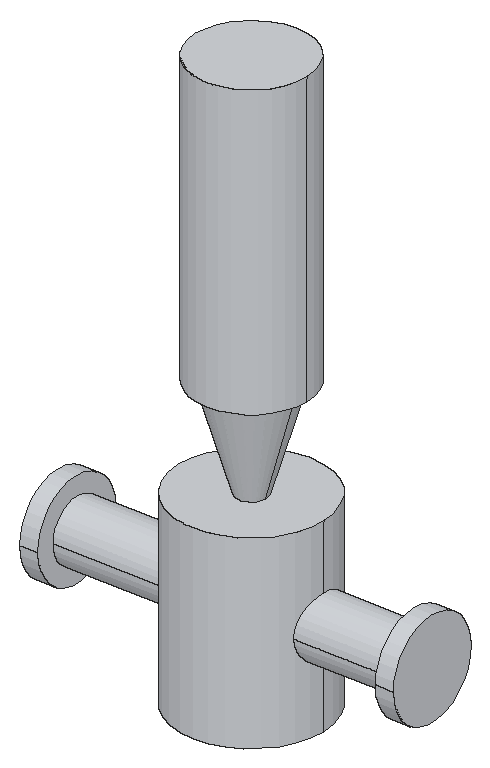
Revit family "8c668c1354174382a9cf1c162125a187", category Mechanical Equipment, Revit 2021
Family settings
  Round Connector Dimension = Use Radius
  Classification = Pump
  Part Type = Breaks Into
  OmniClass Number = 23.60.30.21
  OmniClass Title = Pumps
  Seek Item ID = Inline Pump - Vertical-0000-USA-ENU
  Work Plane-Based = No
  Always vertical = Yes
  Cut with Voids When Loaded = No
  Shared = No
  Room Calculation Point = No
Parameters (values of type "74 GPM - 2.6 Foot Head")
  Voltage = 460 V
  Suction Radius = 1"
  Suction Diameter = 2 * Suction Radius  # 2"
  Radius 1 = Diameter 1 * 0.5  # 0' - 1.84961"
  RPM = 1760
  Pump Material = none
  Outside Radius 2 = Outside Diameter 2 * 0.5  # 0' - 1 1/4"
  Outside Diameter 2 = Discharge Diameter + 0' 0 1/2"  # 0' - 2 1/2"
  Outside Diameter 1 = Suction Diameter + 0' 0 1/2"  # 0' - 2 1/2"
  Number of Poles = 3
  Motor Radius = Motor Diameter * 0.5  # 0' - 2.31055"
  Motor Height = 1' - 0 15/256"
  Motor Diameter = 0' - 4 159/256"
  Load Classification = Appliance - Dwelling Unit
  Impeller Radius = Impeller Diameter * 0.5  # 0' - 3"
  Impeller Diameter = 0' - 6"
  Height 2 = 0' - 8 7/64"
  Height 1 = 0' - 3 233/256"
  Flange Radius 2 = Flange Diameter 2 * 0.5  # 0' - 2"
  Flange Diameter 2 = Discharge Diameter + 0' 2"  # 0' - 4"
  Flange Diameter 1 = Outside Diameter 1 + 0' 2"  # 0' - 4 1/2"
  Discharge Radius = 1"
  Discharge Diameter = 2 * Discharge Radius  # 2"
  Diameter 1 = 0' - 3 179/256"
  Default Elevation = 0' - 0"
  C2 Offset 1 = 0' - 8"
  C1 Offset 1 = 0' - 7 1/2"
  Apparent Load = 627 VA
Types (7): name | Suction Radius | Suction Diameter | Radius 1 | Outside Radius 2 | Outside Diameter 2 | Outside Diameter 1 | Motor Radius | Motor Diameter | Impeller Radius | Impeller Diameter | Height 2 | Height 1 | Flange Radius 2 | Flange Diameter 2 | Flange Diameter 1 | Discharge Radius | Discharge Diameter | Diameter 1 | C2 Offset 1 | C1 Offset 1 | Apparent Load
  (no name) | 1" | 2" | 0' - 1.84961" | 0' - 1 1/4" | 0' - 2 1/2" | 0' - 2 1/2" | 0' - 2.31055" | 0' - 4 159/256" | 0' - 3" | 0' - 6" | 0' - 8 7/64" | 0' - 3 233/256" | 0' - 2" | 0' - 4" | 0' - 4 1/2" | 1" | 2" | 0' - 3 179/256" | 0' - 8" | 0' - 7 1/2" | 627 VA
  53 GPM - 2.17 Foot Head | 3/4" | 1 1/2" | 0' - 1.84961" | 0' - 1" | 0' - 2" | 0' - 2" | 0' - 2.31055" | 0' - 4 159/256" | 0' - 3" | 0' - 6" | 0' - 8 83/128" | 0' - 4 125/256" | 0' - 1 3/4" | 0' - 3 1/2" | 0' - 4" | 3/4" | 1 1/2" | 0' - 3 179/256" | 0' - 7 1/2" | 0' - 7 1/2" | 627 VA
  74 GPM - 2.6 Foot Head | 1" | 2" | 0' - 1.84961" | 0' - 1 1/4" | 0' - 2 1/2" | 0' - 2 1/2" | 0' - 2.31055" | 0' - 4 159/256" | 0' - 3" | 0' - 6" | 0' - 8 7/64" | 0' - 3 233/256" | 0' - 2" | 0' - 4" | 0' - 4 1/2" | 1" | 2" | 0' - 3 179/256" | 0' - 8" | 0' - 7 1/2" | 627 VA
  120 GPM - 2.82 Foot Head | 1 1/2" | 3" | 0' - 1.84961" | 0' - 1 3/4" | 0' - 3 1/2" | 0' - 3 1/2" | 0' - 2.31055" | 0' - 4 159/256" | 0' - 3" | 0' - 6" | 0' - 9 33/256" | 0' - 4 31/32" | 0' - 2 1/2" | 0' - 5" | 0' - 5 1/2" | 1 1/2" | 3" | 0' - 3 179/256" | 0' - 10" | 0' - 8 1/2" | 940 VA
  120 GPM - 10.85 Foot Head | 3/4" | 1 1/2" | 0' - 2.15039" | 0' - 1" | 0' - 2" | 0' - 2" | 0' - 2 89/128" | 0' - 5 25/64" | 0' - 3 1/2" | 0' - 7" | 0' - 8 27/64" | 0' - 4 33/256" | 0' - 1 3/4" | 0' - 3 1/2" | 0' - 4" | 3/4" | 1 1/2" | 0' - 4 77/256" | 0' - 8" | 0' - 8" | 940 VA
  200 GPM - 7.81 Foot Head | 1" | 2" | 0' - 2.15039" | 0' - 1 1/4" | 0' - 2 1/2" | 0' - 2 1/2" | 0' - 2 89/128" | 0' - 5 25/64" | 0' - 3 1/2" | 0' - 7" | 0' - 8 69/256" | 0' - 3 241/256" | 0' - 2" | 0' - 4" | 0' - 4 1/2" | 1" | 2" | 0' - 4 77/256" | 0' - 8 1/2" | 0' - 8 1/2" | 1254 VA
  320 GPM - 3.26 Foot Head | 1 1/2" | 3" | 0' - 2.15039" | 0' - 1 3/4" | 0' - 3 1/2" | 0' - 3 1/2" | 0' - 2 89/128" | 0' - 5 25/64" | 0' - 3 1/2" | 0' - 7" | 0' - 10 17/32" | 0' - 6 77/256" | 0' - 2 1/2" | 0' - 5" | 0' - 5 1/2" | 1 1/2" | 3" | 0' - 4 77/256" | 0' - 10" | 0' - 10" | 1880 VA
Reference planes (in)
  plane 1 "Center (Front/Back)": y = 0
  plane 2: z = 0
  plane 3 "Center (Left/Right)": x = 0
  plane 4: x = -8
  plane 5: x = 7.5
  plane 6: x = -7.25
  plane 7: x = 6.75
  plane 8: z = 3.91016
  plane 9: z = -3.91016
  plane 10: z = 8.10938
  plane 11: x = -1.84961
  plane 12: z = 20.16797
  plane 13: y = 2
  plane 14: y = -2
  plane 15: y = 3
  plane 16: y = -3
Forms (in)
  Extrusion 1, solid, material <- "Pump Material"
    sketch origin (0, 0, 0) x (0, 1, 0) y (0, 0, 1)
      loop
        circle (0, 0) r 2
    from -8 to -7.25
  Extrusion 2, solid, material <- "Pump Material"
    sketch origin (0, 0, 0) x (0, 1, 0) y (0, 0, 1)
      loop
        circle (0, 0) r 2
    from 6.75 to 7.5
  Extrusion 3, solid, material <- "Pump Material"
    sketch origin (0, 0, 0) x (1, 0, 0) y (0, 1, 0)
      loop
        circle (0, 0) r 3
    from -3.91016 to 3.91016
  Extrusion 4, solid, material <- "Pump Material"
    sketch origin (0, 0, 0) x (0, 1, 0) y (0, 0, 1)
      loop
        circle (0, 0) r 1.25
    from -7.25 to 6.75
  Revolve 5, solid, material <- "Pump Material"
    sketch origin (0, 0, 0) x (1, 0, 0) y (0, 0, 1)
      loop
        line (-1.84961, 8.10938) -> (-0.61063, 3.91016) -> (0, 3.91016) -> (0, 8.10938) -> (-1.84961, 8.10938)
      axis (0, 8.10938) -> (0, 3.91016)
    angle from 0 to 360
  Extrusion 6, solid, material <- "Pump Material"
    sketch origin (0, 0, 0) x (1, 0, 0) y (0, 1, 0)
      loop
        circle (0, 0) r 2.31055
    from 8.10938 to 20.16797
Cuts and joins
  joined: Extrusion 1, Extrusion 2, Extrusion 3, Extrusion 4, Revolve 5, Extrusion 6
Lines and regions (in)
  symbolic lines, detail levels coarse+medium
    curve 1: line (-8, 3, 0) -> (7.5, 3, 0)
    curve 2: line (-8, -3, 0) -> (-8, 3, 0)
    curve 3: line (7.5, -3, 0) -> (-8, -3, 0)
    curve 4: line (7.5, 3, 0) -> (7.5, -3, 0)
  symbolic lines, detail levels fine
    curve 5: line (-8, 2, 0) -> (-7.25, 2, 0)
    curve 6: line (-8, -2, 0) -> (-8, 2, 0)
    curve 7: line (-7.25, -2, 0) -> (-8, -2, 0)
    curve 8: line (-7.25, 2, 0) -> (-7.25, -2, 0)
    curve 9: line (6.75, 2, 0) -> (7.5, 2, 0)
    curve 10: line (7.5, 2, 0) -> (7.5, -2, 0)
    curve 11: line (6.75, -2, 0) -> (6.75, 2, 0)
    curve 12: line (6.75, -2, 0) -> (7.5, -2, 0)
    curve 13: circle (0, 0, 0) r 3 normal (0, 0, 1)
    curve 14: circle (0, 0, 0) r 2.31055 normal (0, 0, 1)
    curve 15: line (-2.72718, 1.25, 0) -> (-7.25, 1.25, 0)
    curve 16: line (-2.72718, -1.25, 0) -> (-7.25, -1.25, 0)
    curve 17: line (2.72718, 1.25, 0) -> (6.75, 1.25, 0)
    curve 18: line (2.72718, -1.25, 0) -> (6.75, -1.25, 0)
Dimensions and locks (in)
  "C2 Offset 1": plane 3 "Center (Left/Right)" to plane 4
  "C1 Offset 1": plane 5 to plane 3 "Center (Left/Right)"
  locked: plane 6 to plane 4 at 0.75
  locked: plane 5 to plane 7 at 0.75
  equal spacing: plane 8, plane 2, plane 9
  "Height 1": plane 8 to plane 2
  "Height 2": plane 10 to plane 2
  "Radius 1": plane 3 "Center (Left/Right)" to plane 11
  "Motor Height": plane 12 to plane 10
  equal spacing: plane 13, plane 1 "Center (Front/Back)", plane 14
  "Flange Radius 2": plane 13 to plane 1 "Center (Front/Back)"
  equal spacing: plane 15, plane 1 "Center (Front/Back)", plane 16
  "Impeller Radius": plane 15 to plane 1 "Center (Front/Back)"
  "Flange Radius 2": radius of Extrusion 1 sketch curve
  "Flange Radius 2": radius of Extrusion 2 sketch curve
  "Impeller Radius": radius of Extrusion 3 sketch curve
  "Outside Radius 2": radius of Extrusion 4 sketch curve
  "Motor Radius": radius of Extrusion 6 sketch curve
  "Impeller Radius": radius of curve 13
  "Motor Radius": radius of curve 14
  aligned and locked: plane 1 "Center (Front/Back)" to Extrusion 1 sketch curve
  aligned and locked: plane 2 to Extrusion 1 sketch curve
  aligned and locked: Extrusion 1 to plane 4
  aligned and locked: plane 6 to Extrusion 1
  aligned and locked: plane 1 "Center (Front/Back)" to Extrusion 2 sketch curve
  aligned and locked: plane 2 to Extrusion 2 sketch curve
  aligned and locked: plane 5 to Extrusion 2
  aligned and locked: Extrusion 2 to plane 7
  aligned and locked: plane 8 to Extrusion 3
  aligned and locked: Extrusion 3 to plane 9
  aligned and locked: plane 1 "Center (Front/Back)" to Extrusion 4 sketch curve
  aligned and locked: plane 2 to Extrusion 4 sketch curve
  aligned and locked: Extrusion 4 to plane 6
  aligned and locked: plane 7 to Extrusion 4
  aligned and locked: Revolve 5 sketch curve to Revolve 5 sketch curve  (x2)
  aligned and locked: Revolve 5 to plane 10
  aligned and locked: Revolve 5 to plane 8
  aligned and locked: plane 3 "Center (Left/Right)" to Extrusion 6 sketch curve
  aligned and locked: plane 1 "Center (Front/Back)" to Extrusion 6 sketch curve
  aligned and locked: plane 12 to Extrusion 6
  aligned and locked: Extrusion 6 to plane 10
  aligned and locked: plane 4 to curve 1
  aligned and locked: curve 1 to plane 15
  aligned and locked: curve 4 to plane 5
  aligned and locked: curve 2 to curve 5
  aligned and locked: curve 5 to plane 13
  aligned and locked: plane 14 to curve 8
  aligned and locked: curve 8 to Extrusion 1
  aligned and locked: curve 9 to plane 13
  aligned and locked: curve 10 to plane 5
  aligned and locked: plane 7 to cut or joined group of Extrusion 1, Extrusion 2, Extrusion 3, Extrusion 4, Revolve 5, Extrusion 6
  aligned and locked: curve 12 to plane 14
  aligned and locked: plane 3 "Center (Left/Right)" to curve 13
  aligned and locked: plane 1 "Center (Front/Back)" to curve 13
  aligned and locked: plane 3 "Center (Left/Right)" to curve 14
  aligned and locked: plane 1 "Center (Front/Back)" to curve 14
  aligned and locked: curve 15 to cut or joined group of Extrusion 1, Extrusion 2, Extrusion 3, Extrusion 4, Revolve 5, Extrusion 6
  aligned and locked: curve 16 to cut or joined group of Extrusion 1, Extrusion 2, Extrusion 3, Extrusion 4, Revolve 5, Extrusion 6
  aligned and locked: curve 17 to cut or joined group of Extrusion 1, Extrusion 2, Extrusion 3, Extrusion 4, Revolve 5, Extrusion 6
  aligned and locked: curve 18 to cut or joined group of Extrusion 1, Extrusion 2, Extrusion 3, Extrusion 4, Revolve 5, Extrusion 6
Automatic sketch dimensions
  Extrusion 3 sketch curve to plane 1 "Center (Front/Back)" = 0' - 0"
  Extrusion 3 sketch curve to plane 3 "Center (Left/Right)" = 0' - 0"
  Revolve 5 sketch curve to plane 10 = 0' - 0"
  Revolve 5 sketch curve to plane 11 = 0' - 0"
  Revolve 5 sketch curve to plane 8 = 0' - 0"  (x2)
  Revolve 5 sketch curve to plane 3 "Center (Left/Right)" = 0' - 0"
  Revolve 5 sketch curve to plane 3 "Center (Left/Right)" = 0' - 0.61063"
  curve 11 to plane 7 = 0' - 0"
  curve 3 to plane 16 = 0' - 0"
Nested families (in)
  nested 1: "Pump Symbol" at (0, 0, 0) x (0.5, 0.866, 0) z (0, 0, 1), Symbol Radius <- "Impeller Radius", type "Pump Symbol", detail levels coarse+medium
    with Symbol Radius 0' - 3", Symbol Length 2 0' - 2.59808", Symbol Length 1 0' - 1 1/2"
Connectors (in)
  piping at (-8, 0, 0), diameter 2, driven by "Suction Radius"
    settings: on cut or joined group of Extrusion 1, Extrusion 2, Extrusion 3, Extrusion 4, Revolve 5, Extrusion 6, index 1, connector inside diameter 24", connector length 0' - 0", flow factor 0, pipe flow 0 GPM, pressure drop 0.00 psi, fitting loss kfactor 0, connector angle 0.00°, fixture units 0, engagement length 0' - 0", angle of deflection 0.00°, flow configuration 0, flow direction 1, fitting loss method 0, system type 29, joint type 0, gender type 0, connector reference index 2, connector utility 0, adjustable connector no, is connector primary yes, connector description "Water Liquid In"
  piping at (7.5, 0, 0), diameter 2, driven by "Discharge Radius"
    settings: on cut or joined group of Extrusion 1, Extrusion 2, Extrusion 3, Extrusion 4, Revolve 5, Extrusion 6, index 2, connector inside diameter 24", connector length 0' - 0", flow factor 0, pipe flow 0 GPM, pressure drop 0.00 psi, fitting loss kfactor 0, connector angle 0.00°, fixture units 0, engagement length 0' - 0", angle of deflection 0.00°, flow configuration 0, flow direction 2, fitting loss method 0, system type 29, joint type 0, gender type 0, connector reference index 1, connector utility 0, adjustable connector no, is connector primary no, connector description "Water Liquid Out"
  electrical at (0, 0, 20.16797), driven by "Number of Poles", driven by "Load Classification", driven by "Voltage", driven by "Apparent Load"
    settings: on cut or joined group of Extrusion 1, Extrusion 2, Extrusion 3, Extrusion 4, Revolve 5, Extrusion 6, index 3, voltage 460 V, apparent load 627 VA, apparent load phase1 0 VA, apparent load phase2 0 VA, apparent load phase3 0 VA, power factor 0.8, load classification "Appliance - Dwelling Unit", number of poles 3, system type 30, power factor state 1, is connector primary yes, connector utility no, sub classification motor no, connector description ""
Definition of nested family "Pump Symbol"
  Parameters
    Symbol Radius [instance] = 2' - 0"
    Symbol Length 2 [instance] = cos(30.00°) * Symbol Radius  # 1' - 8.78461"
    Symbol Length 1 [instance] = sin(30.00°) * Symbol Radius  # 1' - 0"
  Reference planes (in)
    plane 1 "Center (Front/Back)": y = 0
    plane 2: z = 0
    plane 3 "Center (Left/Right)": x = 0
    plane 4: x = -12
    plane 5: x = 24
    plane 6: y = 20.78461
    plane 7: y = -20.78461
  Lines and regions (in)
    Filled region 1, type "Concrete Block", in view "Ref. Level"
      outline origin (0, 0, 0) x (1, 0, 0) y (0, 1, 0)
        loop
          line (-12, 20.78461) -> (-12, -20.78461) -> (24, 0) -> (-12, 20.78461)
    detail lines, in view "Ref. Level"
      curve 1: circle (0, 0, 0) r 24 normal (0, 0, 1)
  Dimensions and locks (in)
    "Symbol Length 1": plane 4 to plane 3 "Center (Left/Right)"
    "Symbol Radius": plane 3 "Center (Left/Right)" to plane 5
    equal spacing: plane 6, plane 1 "Center (Front/Back)", plane 7
    "Symbol Length 2": plane 6 to plane 1 "Center (Front/Back)"
    "Symbol Radius": radius of curve 1
    aligned and locked: Filled region 1 sketch curve to plane 4
    aligned and locked: plane 1 "Center (Front/Back)" to Filled region 1 sketch curve
    aligned and locked: plane 6 to Filled region 1 sketch curve
    aligned and locked: plane 4 to Filled region 1 sketch curve
    aligned and locked: plane 7 to Filled region 1 sketch curve
  Automatic sketch dimensions
    curve 1 to plane 1 "Center (Front/Back)" = 0' - 0"
    curve 1 to plane 3 "Center (Left/Right)" = 0' - 0"
    Filled region 1 sketch curve to plane 5 = 0' - 0"
